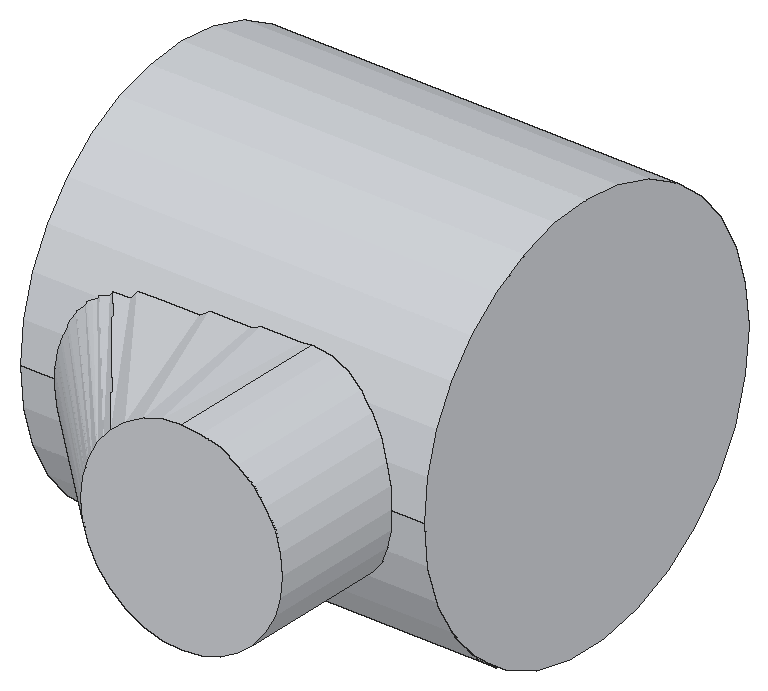
Revit family "2587f53706ba471cbb2bb22b4615d70a", category Duct Fittings, Revit 2021
Family settings
  Round Connector Dimension = Use Radius
  Part Type = Tee
  OmniClass Number = 23.75.70.14
  OmniClass Title = Air Ductwork
  Seek Item ID = Round Tee - Beveled-0000-USA-ENU
  Work Plane-Based = No
  Always vertical = Yes
  Cut with Voids When Loaded = No
  Shared = No
Parameters (values of type "Standard")
  Shoulder Length [instance] = 1"
  Radius [instance] = if(Duct Radius 1 > Duct Radius 3, Duct Radius 1, Duct Radius 3)  # 6"
  Length 7 [instance] = if(Duct Radius 3 > Length 2, Duct Radius 3 + Shoulder Length, Length 2)  # 4"
  Length 6 [instance] = Duct Radius 3 * 2 + Length 1 - Duct Radius 1 + Shoulder Length * 2  # 12"
  Length 5 [instance] = if(Length 6 - Length 2 > Length 2, Length 2, (Length 6 - Length 2))  # 4"
  Length 4 [instance] = Duct Length 3 + Duct Radius 1  # 10"
  Length 3 [instance] = Base Radius - Duct Radius 3  # 5"
  Length 2 [instance] = Duct Radius 3 + Shoulder Length  # 4"
  Length 1 [instance] = if(or(Length 4 = Duct Radius 1, Length 4 < Duct Radius 1), Duct Radius 1 + Duct Length 3, Length 4)  # 10"
  Duct Radius 3 [instance] = 3"
  Duct Radius 1 [instance] = 6"
  Duct Length 3 [instance] = if(Duct Diameter 3 < 0' 8 1/2", 0' 4", (if(Duct Diameter 3 < 1' 2 1/2", 0' 7", (if(Duct Diameter 3 < 2' 2", 0' 10", 1' 1")))))  # 4"
  Duct Length 1 [instance] = if(Duct Radius 3 > Length 5, (Length 6 + Duct Radius 3 - Length 5 + Shoulder Length), Length 6)  # 12"
  Duct Diameter 3 [instance] = Duct Radius 3 * 2  # 6"
  Duct Diameter 1 [instance] = Duct Radius 1 * 2  # 12"
  Default Elevation = 0' - 0"
  Base Radius [instance] = (Duct Diameter 3 + Length 1) / 2  # 8"
  Assembly Code = ""
Reference planes (in)
  plane 1 "Center (Front/Back)": y = 0
  plane 2: z = 0
  plane 3 "Center (Left/Right)": x = 0
  plane 4: x = -8
  plane 5: x = 4
  plane 6: y = -10
  plane 7: x = -10
  plane 8: x = -18
Forms (in)
  Sweep 1, solid, detail levels medium+fine
    path origin (0, 0, 0) x (1, 0, 0) y (0, 1, 0)
      loop
        line (-8, 0) -> (4, 0)
    profile origin (-2, 0, 0) x (0, 1, 0) y (0, 0, 1)
      loop
        circle (0, 0) r 6
  Blend 2, solid, detail levels medium+fine
    base sketch origin (0, 0, 0) x (1, 0, 0) y (0, 0, 1)
      loop
        arc (-10, 3) -> (-13, 0) -> (-10, -3) r 3
        line (-10, -3) -> (0, -3)
        arc (0, -3) -> (3, 0) -> (0, 3) r 3
        line (0, 3) -> (-10, 3)
    top sketch origin (0, 0, 0) x (1, 0, 0) y (0, 0, 1)
      loop
        arc (0, 3) -> (-1.14805, 2.77164) -> (-2.12132, 2.12132) r 3
        arc (-2.12132, 2.12132) -> (-3, 0) -> (-2.12132, -2.12132) r 3
        arc (-2.12132, -2.12132) -> (-1.14805, -2.77164) -> (0, -3) r 3
        arc (0, -3) -> (3, 0) -> (0, 3) r 3
    from 0 to 10
  Sweep 3, void
    path origin (0, 0, 0) x (1, 0, 0) y (0, 1, 0)
      loop
        line (-18, 0) -> (-8, 0)
    profile origin (-13, 0, 0) x (0, 1, 0) y (0, 0, 1)
      loop
        circle (0, 0) r 6
  Sweep 4, void
    path origin (0, 0, 0) x (1, 0, 0) y (0, 1, 0)
      loop
        line (-18, 0) -> (-8, 0)
    profile origin (-13, 0, 0) x (0, 1, 0) y (0, 0, 1)
      loop
        circle (0, 0) r 6
  Sweep 5, void
    path origin (0, 0, 0) x (1, 0, 0) y (0, 1, 0)
      loop
        line (-18, 0) -> (-8, 0)
    profile origin (-13, 0, 0) x (0, 1, 0) y (0, 0, 1)
      loop
        circle (0, 0) r 6
  Extrusion 6, solid, not visible
    sketch origin (0, 0, 0) x (1, 0, 0) y (0, 0, 1)
      loop
        circle (0, 0) r 0.025
    from 0 to 10
Cuts and joins
  Sweep 3, Sweep 4, Sweep 5 cuts Sweep 1
  Sweep 3, Sweep 4, Sweep 5 cuts Blend 2
Lines and regions (in)
  model lines, style "DuctFitting", detail levels coarse
    curve 1: line (-8, 0, 0) -> (4, 0, 0)
  model lines, detail levels coarse
    curve 2: line (0, 0, 0) -> (0, -10, 0)
  reference lines
    curve 3: line (0, 0, 0) -> (-9.01561, 0, 9.01561)
    curve 4: line (0, 0, 0) -> (-8.66206, 0, -8.66206)
Dimensions and locks (in)
  "Length 1": curve 2 to curve 2
  "Duct Length 1": plane 4 to plane 5
  "Length 7": plane 3 "Center (Left/Right)" to plane 5
  "Length 1": plane 6 to plane 1 "Center (Front/Back)"
  "Length 1": plane 7 to plane 3 "Center (Left/Right)"
  "Length 1": plane 8 to plane 4
  "Duct Radius 1": radius of Sweep 1 sketch curve
  "Duct Radius 3": radius of Blend 2 sketch curve  (x6)
  "Duct Radius 1": radius of Sweep 3 sketch curve
  radius of Extrusion 6 sketch curve = 0' - 0.025"
  "Radius": radius of Sweep 5 sketch curve
  locked: curve 2 to plane 1 "Center (Front/Back)" (angle 90.00°)
  angle plane 3 "Center (Left/Right)" to curve 3 = 45.00°
  angle curve 4 to plane 3 "Center (Left/Right)" = 45.00°
  aligned and locked: plane 4 to curve 1
  aligned and locked: plane 5 to curve 1
  aligned and locked: Sweep 1 sketch curve to curve 1
  aligned and locked: profile plane to Sweep 1 sketch curve  (x2)
  aligned and locked: plane 3 "Center (Left/Right)" to curve 2
  aligned and locked: plane 3 "Center (Left/Right)" to Blend 2 sketch curve  (x4)
  aligned and locked: plane 2 to Blend 2 sketch curve  (x3)
  aligned and locked: Blend 2 to plane 1 "Center (Front/Back)"
  aligned and locked: Blend 2 to plane 6
  aligned and locked: plane 7 to Blend 2 sketch curve
  aligned and locked: plane 1 "Center (Front/Back)" to Sweep 3 sketch curve
  aligned and locked: plane 8 to Sweep 3 sketch curve
  aligned and locked: plane 4 to Sweep 3 sketch curve
  aligned and locked: profile plane to Sweep 3 sketch curve  (x2)
  aligned and locked: plane 1 "Center (Front/Back)" to Sweep 4 sketch curve
  aligned and locked: plane 8 to Sweep 4 sketch curve
  aligned and locked: plane 4 to Sweep 4 sketch curve
  aligned and locked: profile plane to Sweep 4 sketch curve  (x2)
  aligned and locked: plane 1 "Center (Front/Back)" to Sweep 5 sketch curve
  aligned and locked: plane 8 to Sweep 5 sketch curve
  aligned and locked: plane 4 to Sweep 5 sketch curve
  aligned and locked: profile plane to Sweep 5 sketch curve  (x2)
  aligned and locked: plane 3 "Center (Left/Right)" to curve 3
  aligned and locked: plane 2 to curve 3
  aligned and locked: curve 3 to Blend 2 sketch curve
  aligned and locked: curve 4 to Blend 2 sketch curve
  aligned and locked: plane 3 "Center (Left/Right)" to Extrusion 6 sketch curve
  aligned and locked: plane 2 to Extrusion 6 sketch curve
  aligned and locked: Extrusion 6 to plane 1 "Center (Front/Back)"
  aligned and locked: Extrusion 6 to plane 6
Automatic sketch dimensions
  Sweep 1 sketch curve to plane 4 = 0' - 0"
  Sweep 1 sketch curve to plane 5 = 0' - 0"
  curve 2 to plane 6 = 0' - 0"
  radius of Sweep 4 sketch curve = 0' - 6"
Connectors (in)
  hvac at (-8, 0, 0), driven by "Duct Radius 1"
    settings: on Sweep 1, index 1, duct flow 0 CFM, flow factor 0, pres drop 0.00 in-wg, loss coef 0, conn angle 0.00°, conn width 12", conn height 12", conn diameter 12", duct sys type 28, conn prof type 0, flow config 0, flow direction 0, loss method 0, conn ref index 2, conn util no, is conn primary yes, conn desc ""
  hvac at (4, 0, 0), driven by "Duct Radius 1"
    settings: on cut or joined group of Sweep 1, Sweep 3, Sweep 4, Sweep 5, index 2, duct flow 0 CFM, flow factor 0, pres drop 0.00 in-wg, loss coef 0, conn angle 0.00°, conn width 12", conn height 12", conn diameter 12", duct sys type 28, conn prof type 0, flow config 0, flow direction 0, loss method 0, conn ref index 1, conn util no, is conn primary no, conn desc ""
  hvac at (0, -10, 0), driven by "Duct Radius 3"
    settings: on Extrusion 6, index 3, duct flow 0 CFM, flow factor 0, pres drop 0.00 in-wg, loss coef 0, conn angle 0.00°, conn width 12", conn height 12", conn diameter 6", duct sys type 28, conn prof type 0, flow config 0, flow direction 0, loss method 0, conn ref index -1, conn util no, is conn primary no, conn desc ""
